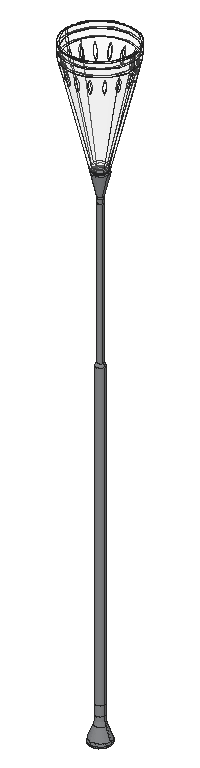
Revit family
Parameters (values of type "2700mm High")
  Wattage = 9.2903 W
  built-in parameter 1150110 = 1 (stored number, unit not read)
  built-in parameter 1114217 = 1 (stored number, unit not read)
  built-in parameter 1150109 = 1 (stored number, unit not read)
  built-in parameter 1150134 = 3
  built-in parameter 1150113 = 1 (stored number, unit not read)
  Manufacturer = "Revit"
  built-in parameter 1150105 = 109.82 (stored number, unit not read)
  Lumens = 1380 lm
  built-in parameter 1150115 = 1 (stored number, unit not read)
  Light Source Symbol Size = 609.6 mm
  built-in parameter 1150137 = (empty or 0)
  built-in parameter 1150139 = (empty or 0)
  built-in parameter 1150112 = 1 (stored number, unit not read)
  built-in parameter 1150114 = 1 (stored number, unit not read)
  Keynote = "V"
  Reduced Stem Height = Height - 2065.7 mm  # 634.3 mm
  Wattage Comments = "250"
  built-in parameter 1150132 = 2
  built-in parameter 1150102 = (empty or 0)
  built-in parameter 1150107 = 3200 (stored number, unit not read)
  built-in parameter 1150138 = (empty or 0)
  built-in parameter 1150106 = 1.0982 (stored number, unit not read)
  built-in parameter 1150104 = 13.8 (stored number, unit not read)
  Dimming Lamp Color Temperature Shift = (empty or 0)
  Description = "Floor Lamp"
  Color Filter = 16777215
  Body Material = Plastic - Gray
  Lamp = "Halogen"
  built-in parameter 1114218 = 1 (stored number, unit not read)
  built-in parameter 1150133 = 10 (stored number, unit not read)
  Assembly Code = "D5020230"
  Height = 2700 mm
Types (4, lengths in mm): name | Reduced Stem Height | Height
  (no name) | 634.3 | 2700
  3000mm High | 934.3 | 3000
  2700mm High | 634.3 | 2700
  3400mm High | 1334.3 | 3400
Reference planes
  plane 1 "Light Source Axis (F/B)": y = 0
  plane 2: z = 0
  plane 3 "Light Source Axis (L/R)": x = 0
  plane 4 "Light Source Elevation": z = 2500
  plane 5: z = 2700
  plane 6: z = 2201.013
  plane 7: z = 2618.604
  plane 8: z = 2563.11
  plane 9 "1": y = -148.034
Forms (mm)
  Revolve 1, solid, material "Plastic - Gray" <- "Body Material"
    sketch origin (0, 0, 0) x (1, 0, 0) y (0, 0, 1)
      loop
        line (0, 0) -> (0, 2175.514) -> (-16.641, 2175.514) -> (-26.493, 2196.64)
        arc (-26.493, 2196.64) -> (-28.495, 2198.724) -> (-31.215, 2199.699) r 6.321
        arc (-31.215, 2199.699) -> (-33.285, 2198.933) -> (-33.867, 2196.805) r 2.414
        line (-33.867, 2196.805) -> (-11.21, 2106.173)
        arc (-11.21, 2106.173) -> (-10.407, 2101.852) -> (-10.138, 2097.466) r 35.904
        line (-10.138, 2097.466) -> (-10.138, 2080.207) -> (-9.138, 2080.207) -> (-9.138, 2078.207) -> (-10.138, 2078.207) -> (-10.138, 1463.166)
        arc (-10.138, 1463.166) -> (-15.629, 1457.675) -> (-17.638, 1450.175) r 15
        line (-17.638, 1450.175) -> (-17.638, 150.791) -> (-16.638, 150.791) -> (-16.638, 148.791) -> (-17.638, 148.791) -> (-17.638, 107.743) -> (-16.638, 107.743) -> (-16.638, 105.743) -> (-17.715, 105.743)
        arc (-17.715, 105.743) -> (-18.769, 87.313) -> (-23.368, 69.435) r 95
        line (-23.368, 69.435) -> (-43.191, 14.971)
        arc (-43.191, 14.971) -> (-44.544, 9.92) -> (-45, 4.71) r 30
        line (-45, 4.71) -> (-45, 0) -> (0, 0)
      axis (0, 2199.699) -> (0, 0)
    angle from 0 to 360
  Revolve 2, solid, material "Glass - White opaque"
    sketch origin (0, 0, 0) x (1, 0, 0) y (0, 0, 1)
      loop
        arc (-36.867, 2210.332) -> (-34.881, 2206.39) -> (-31.391, 2203.687) r 10
        line (-31.391, 2203.687) -> (-23.661, 2202.324)
        arc (-23.661, 2202.324) -> (-18.941, 2198.864) -> (-15.905, 2193.86) r 15
        line (-15.905, 2193.86) -> (-11.189, 2180.962) -> (0, 2180.962) -> (0, 2212.751) -> (-29.583, 2222.454) -> (-134.212, 2642.142)
        arc (-134.212, 2642.142) -> (-137.075, 2657.589) -> (-138.034, 2673.27) r 128.682
        line (-138.034, 2673.27) -> (-138.034, 2700) -> (-145.221, 2700)
        arc (-145.221, 2700) -> (-147.21, 2699.176) -> (-148.034, 2697.187) r 2.813
        line (-148.034, 2697.187) -> (-148.034, 2673.27)
        arc (-148.034, 2673.27) -> (-147, 2656.37) -> (-143.915, 2639.723) r 138.682
        line (-143.915, 2639.723) -> (-36.867, 2210.332)
      axis (0, 2700) -> (0, 2180.962)
    angle from 0 to 360
  Extrusion 3, void
    sketch origin (0, -148.034, 0) x (1, 0, 0) y (0, 0, 1)
      loop
        arc (-0.109, 2618.604) -> (-4.822, 2590.857) -> (-0.109, 2563.11) r 84.031
        arc (-0.109, 2563.11) -> (1.434, 2561.567) -> (2.977, 2563.11) r 1.543
        arc (2.977, 2563.11) -> (7.69, 2590.857) -> (2.977, 2618.604) r 84.031
        arc (2.977, 2618.604) -> (1.434, 2620.147) -> (-0.109, 2618.604) r 1.543
    from -53.931 to 47.65
  Extrusion 4, void
    sketch origin (0, 148.034, 0) x (-1, 0, 0) y (0, 0, 1)
      loop
        arc (-0.109, 2618.604) -> (-4.822, 2590.857) -> (-0.109, 2563.11) r 84.031
        arc (-0.109, 2563.11) -> (1.434, 2561.567) -> (2.977, 2563.11) r 1.543
        arc (2.977, 2563.11) -> (7.69, 2590.857) -> (2.977, 2618.604) r 84.031
        arc (2.977, 2618.604) -> (1.434, 2620.147) -> (-0.109, 2618.604) r 1.543
    from -53.931 to 47.65
  Extrusion 5, void
    sketch origin (-148.034, 0, 0) x (0, -1, 0) y (0, 0, 1)
      loop
        arc (-0.109, 2618.604) -> (-4.822, 2590.857) -> (-0.109, 2563.11) r 84.031
        arc (-0.109, 2563.11) -> (1.434, 2561.567) -> (2.977, 2563.11) r 1.543
        arc (2.977, 2563.11) -> (7.69, 2590.857) -> (2.977, 2618.604) r 84.031
        arc (2.977, 2618.604) -> (1.434, 2620.147) -> (-0.109, 2618.604) r 1.543
    from -53.931 to 47.65
  Extrusion 6, void
    sketch origin (148.034, 0, 0) x (0, 1, 0) y (0, 0, 1)
      loop
        arc (-0.109, 2618.604) -> (-4.822, 2590.857) -> (-0.109, 2563.11) r 84.031
        arc (-0.109, 2563.11) -> (1.434, 2561.567) -> (2.977, 2563.11) r 1.543
        arc (2.977, 2563.11) -> (7.69, 2590.857) -> (2.977, 2618.604) r 84.031
        arc (2.977, 2618.604) -> (1.434, 2620.147) -> (-0.109, 2618.604) r 1.543
    from -53.931 to 47.65
  Extrusion 7, void
    sketch origin (-104.676, -104.676, 0) x (0.707107, -0.707107, 0) y (0, 0, 1)
      loop
        arc (-0.109, 2618.604) -> (-4.822, 2590.857) -> (-0.109, 2563.11) r 84.031
        arc (-0.109, 2563.11) -> (1.434, 2561.567) -> (2.977, 2563.11) r 1.543
        arc (2.977, 2563.11) -> (7.69, 2590.857) -> (2.977, 2618.604) r 84.031
        arc (2.977, 2618.604) -> (1.434, 2620.147) -> (-0.109, 2618.604) r 1.543
    from -53.931 to 47.65
  Extrusion 8, void
    sketch origin (104.676, 104.676, 0) x (-0.707107, 0.707107, 0) y (0, 0, 1)
      loop
        arc (-0.109, 2618.604) -> (-4.822, 2590.857) -> (-0.109, 2563.11) r 84.031
        arc (-0.109, 2563.11) -> (1.434, 2561.567) -> (2.977, 2563.11) r 1.543
        arc (2.977, 2563.11) -> (7.69, 2590.857) -> (2.977, 2618.604) r 84.031
        arc (2.977, 2618.604) -> (1.434, 2620.147) -> (-0.109, 2618.604) r 1.543
    from -53.931 to 47.65
  Extrusion 9, void
    sketch origin (-104.676, 104.676, 0) x (-0.707107, -0.707107, 0) y (0, 0, 1)
      loop
        arc (-0.109, 2618.604) -> (-4.822, 2590.857) -> (-0.109, 2563.11) r 84.031
        arc (-0.109, 2563.11) -> (1.434, 2561.567) -> (2.977, 2563.11) r 1.543
        arc (2.977, 2563.11) -> (7.69, 2590.857) -> (2.977, 2618.604) r 84.031
        arc (2.977, 2618.604) -> (1.434, 2620.147) -> (-0.109, 2618.604) r 1.543
    from -53.931 to 47.65
  Extrusion 10, void
    sketch origin (104.676, -104.676, 0) x (0.707107, 0.707107, 0) y (0, 0, 1)
      loop
        arc (-0.109, 2618.604) -> (-4.822, 2590.857) -> (-0.109, 2563.11) r 84.031
        arc (-0.109, 2563.11) -> (1.434, 2561.567) -> (2.977, 2563.11) r 1.543
        arc (2.977, 2563.11) -> (7.69, 2590.857) -> (2.977, 2618.604) r 84.031
        arc (2.977, 2618.604) -> (1.434, 2620.147) -> (-0.109, 2618.604) r 1.543
    from -53.931 to 47.65
  Extrusion 11, void
    sketch origin (56.65, -136.765, 0) x (0.92388, 0.382683, 0) y (0, 0, 1)
      loop
        arc (-0.109, 2618.604) -> (-4.822, 2590.857) -> (-0.109, 2563.11) r 84.031
        arc (-0.109, 2563.11) -> (1.434, 2561.567) -> (2.977, 2563.11) r 1.543
        arc (2.977, 2563.11) -> (7.69, 2590.857) -> (2.977, 2618.604) r 84.031
        arc (2.977, 2618.604) -> (1.434, 2620.147) -> (-0.109, 2618.604) r 1.543
    from -53.931 to 47.65
  Extrusion 12, void
    sketch origin (-56.65, 136.765, 0) x (-0.92388, -0.382683, 0) y (0, 0, 1)
      loop
        arc (-0.109, 2618.604) -> (-4.822, 2590.857) -> (-0.109, 2563.11) r 84.031
        arc (-0.109, 2563.11) -> (1.434, 2561.567) -> (2.977, 2563.11) r 1.543
        arc (2.977, 2563.11) -> (7.69, 2590.857) -> (2.977, 2618.604) r 84.031
        arc (2.977, 2618.604) -> (1.434, 2620.147) -> (-0.109, 2618.604) r 1.543
    from -53.931 to 47.65
  Extrusion 13, void
    sketch origin (-136.765, -56.65, 0) x (0.382683, -0.92388, 0) y (0, 0, 1)
      loop
        arc (-0.109, 2618.604) -> (-4.822, 2590.857) -> (-0.109, 2563.11) r 84.031
        arc (-0.109, 2563.11) -> (1.434, 2561.567) -> (2.977, 2563.11) r 1.543
        arc (2.977, 2563.11) -> (7.69, 2590.857) -> (2.977, 2618.604) r 84.031
        arc (2.977, 2618.604) -> (1.434, 2620.147) -> (-0.109, 2618.604) r 1.543
    from -53.931 to 47.65
  Extrusion 14, void
    sketch origin (136.765, 56.65, 0) x (-0.382683, 0.92388, 0) y (0, 0, 1)
      loop
        arc (-0.109, 2618.604) -> (-4.822, 2590.857) -> (-0.109, 2563.11) r 84.031
        arc (-0.109, 2563.11) -> (1.434, 2561.567) -> (2.977, 2563.11) r 1.543
        arc (2.977, 2563.11) -> (7.69, 2590.857) -> (2.977, 2618.604) r 84.031
        arc (2.977, 2618.604) -> (1.434, 2620.147) -> (-0.109, 2618.604) r 1.543
    from -53.931 to 47.65
  Extrusion 15, void
    sketch origin (-56.65, -136.765, 0) x (0.92388, -0.382683, 0) y (0, 0, 1)
      loop
        arc (-0.109, 2618.604) -> (-4.822, 2590.857) -> (-0.109, 2563.11) r 84.031
        arc (-0.109, 2563.11) -> (1.434, 2561.567) -> (2.977, 2563.11) r 1.543
        arc (2.977, 2563.11) -> (7.69, 2590.857) -> (2.977, 2618.604) r 84.031
        arc (2.977, 2618.604) -> (1.434, 2620.147) -> (-0.109, 2618.604) r 1.543
    from -53.931 to 47.65
  Extrusion 16, void
    sketch origin (56.65, 136.765, 0) x (-0.92388, 0.382683, 0) y (0, 0, 1)
      loop
        arc (-0.109, 2618.604) -> (-4.822, 2590.857) -> (-0.109, 2563.11) r 84.031
        arc (-0.109, 2563.11) -> (1.434, 2561.567) -> (2.977, 2563.11) r 1.543
        arc (2.977, 2563.11) -> (7.69, 2590.857) -> (2.977, 2618.604) r 84.031
        arc (2.977, 2618.604) -> (1.434, 2620.147) -> (-0.109, 2618.604) r 1.543
    from -53.931 to 47.65
  Extrusion 17, void
    sketch origin (-136.765, 56.65, 0) x (-0.382683, -0.92388, 0) y (0, 0, 1)
      loop
        arc (-0.109, 2618.604) -> (-4.822, 2590.857) -> (-0.109, 2563.11) r 84.031
        arc (-0.109, 2563.11) -> (1.434, 2561.567) -> (2.977, 2563.11) r 1.543
        arc (2.977, 2563.11) -> (7.69, 2590.857) -> (2.977, 2618.604) r 84.031
        arc (2.977, 2618.604) -> (1.434, 2620.147) -> (-0.109, 2618.604) r 1.543
    from -53.931 to 47.65
  Extrusion 18, void
    sketch origin (136.765, -56.65, 0) x (0.382683, 0.92388, 0) y (0, 0, 1)
      loop
        arc (-0.109, 2618.604) -> (-4.822, 2590.857) -> (-0.109, 2563.11) r 84.031
        arc (-0.109, 2563.11) -> (1.434, 2561.567) -> (2.977, 2563.11) r 1.543
        arc (2.977, 2563.11) -> (7.69, 2590.857) -> (2.977, 2618.604) r 84.031
        arc (2.977, 2618.604) -> (1.434, 2620.147) -> (-0.109, 2618.604) r 1.543
    from -53.931 to 47.65
Cuts and joins
  Extrusion 3, Extrusion 4, Extrusion 5, Extrusion 6, Extrusion 7, Extrusion 8, Extrusion 9, Extrusion 10, Extrusion 11, Extrusion 12, Extrusion 13, Extrusion 14, Extrusion 15, Extrusion 16, Extrusion 17, Extrusion 18 cuts Revolve 2
Dimensions and locks
  locked: level to plane 5 at 2700
  locked: plane 5 to plane 4 "Light Source Elevation" at 200
  locked: Revolve 1 sketch curve to Revolve 1 sketch curve at 17.638
  locked: Revolve 1 sketch curve to Revolve 1 sketch curve at 45
  locked: Revolve 1 sketch curve to Revolve 1 sketch curve at 10.138
  equal spacing: Revolve 1 sketch curve, Revolve 1 sketch curve, Revolve 1 sketch curve
  "Reduced Stem Height": Revolve 1 sketch curve to Revolve 1 sketch curve
  locked: Revolve 1 sketch curve to Revolve 1 sketch curve at 1463.166
  locked: Revolve 1 sketch curve to plane 6 at 103.547
  locked: plane 6 to plane 5 at 498.987
  locked: Revolve 2 sketch curve to Revolve 2 sketch curve at 148.034
  locked: Revolve 2 sketch curve to Revolve 2 sketch curve at 519.038
  plane 8 to plane 7 to plane 5 = 55.494 mm locked, 81.396 mm locked
  aligned and locked: Revolve 2 sketch curve to plane 5
  aligned and locked: plane 3 "Light Source Axis (L/R)" to imposter light
  aligned and locked: imposter light to plane 1 "Light Source Axis (F/B)"
  aligned and locked: plane 4 "Light Source Elevation" to imposter light
Automatic sketch dimensions
  Revolve 2 sketch curve to plane 3 "Light Source Axis (L/R)" = 0 mm  (x2)
  Revolve 2 sketch curve to plane 5 = 0 mm
  Revolve 2 sketch curve to Revolve 2 sketch curve = 2.813 mm
  Revolve 2 sketch curve to plane 7 = 21.119 mm
  Revolve 2 sketch curve to Revolve 2 sketch curve = 4.119 mm
  Revolve 2 sketch curve to Revolve 2 sketch curve = 7.187 mm
  Revolve 2 sketch curve to Revolve 2 sketch curve = 9.703 mm  (x2)
  Revolve 2 sketch curve to plane 3 "Light Source Axis (L/R)" = 36.867 mm
  Revolve 2 sketch curve to Revolve 2 sketch curve = 5.477 mm
  Revolve 2 sketch curve to Revolve 2 sketch curve = 1.391 mm
  Revolve 2 sketch curve to Revolve 2 sketch curve = 7.284 mm
  Revolve 2 sketch curve to Revolve 2 sketch curve = 2.419 mm  (x2)
  Revolve 2 sketch curve to Revolve 2 sketch curve = 7.73 mm
  Revolve 2 sketch curve to Revolve 2 sketch curve = 7.756 mm
  Revolve 2 sketch curve to Revolve 2 sketch curve = 11.189 mm
  Revolve 2 sketch curve to plane 3 "Light Source Axis (L/R)" = 9.352 mm
  Revolve 2 sketch curve to Revolve 2 sketch curve = 0 mm
  Revolve 2 sketch curve to Revolve 2 sketch curve = 220.962 mm
  Revolve 2 sketch curve to Revolve 2 sketch curve = 7.768 mm
  Revolve 2 sketch curve to Revolve 2 sketch curve = 12.898 mm
  Revolve 2 sketch curve to Revolve 2 sketch curve = 1.363 mm
  Revolve 2 sketch curve to Revolve 2 sketch curve = 6.644 mm
  Revolve 2 sketch curve to Revolve 2 sketch curve = 18.89 mm
  Extrusion 3 sketch curve to plane 7 = 0 mm
  Extrusion 3 sketch curve to plane 8 = 0 mm
  Extrusion 3 sketch curve to plane 3 "Light Source Axis (L/R)" = 76.341 mm
  Extrusion 3 sketch curve to plane 3 "Light Source Axis (L/R)" = 0.109 mm  (x2)
  plane 3 "Light Source Axis (L/R)" to Extrusion 3 sketch curve = 1.434 mm  (x2)
  plane 3 "Light Source Axis (L/R)" to Extrusion 3 sketch curve = 79.209 mm
  Extrusion 4 sketch curve to plane 8 = 0 mm
  Extrusion 4 sketch curve to plane 7 = 0 mm
  plane 3 "Light Source Axis (L/R)" to Extrusion 4 sketch curve = 76.341 mm
  plane 3 "Light Source Axis (L/R)" to Extrusion 4 sketch curve = 0.109 mm  (x2)
  Extrusion 4 sketch curve to plane 3 "Light Source Axis (L/R)" = 1.434 mm  (x2)
  Extrusion 4 sketch curve to plane 3 "Light Source Axis (L/R)" = 79.209 mm
  Extrusion 5 sketch curve to plane 8 = 0 mm
  Extrusion 5 sketch curve to plane 7 = 0 mm
  Extrusion 6 sketch curve to plane 8 = 0 mm
  Extrusion 6 sketch curve to plane 7 = 0 mm
  Extrusion 5 sketch curve to plane 1 "Light Source Axis (F/B)" = 76.341 mm
  Extrusion 5 sketch curve to plane 1 "Light Source Axis (F/B)" = 0.109 mm  (x2)
  plane 1 "Light Source Axis (F/B)" to Extrusion 5 sketch curve = 1.434 mm  (x2)
  plane 1 "Light Source Axis (F/B)" to Extrusion 5 sketch curve = 79.209 mm
  Extrusion 6 sketch curve to plane 9 "1" = 71.692 mm
  plane 1 "Light Source Axis (F/B)" to Extrusion 6 sketch curve = 0.109 mm  (x2)
  Extrusion 6 sketch curve to plane 1 "Light Source Axis (F/B)" = 1.434 mm  (x2)
  Extrusion 6 sketch curve to plane 1 "Light Source Axis (F/B)" = 79.209 mm
  Extrusion 7 sketch curve to plane 8 = 0 mm
  Extrusion 7 sketch curve to plane 7 = 0 mm
  Extrusion 8 sketch curve to plane 8 = 0 mm
  Extrusion 8 sketch curve to plane 7 = 0 mm
  Extrusion 9 sketch curve to plane 8 = 0 mm
  Extrusion 9 sketch curve to plane 7 = 0 mm
  Extrusion 10 sketch curve to plane 8 = 0 mm
  Extrusion 10 sketch curve to plane 7 = 0 mm
  plane 7 to Extrusion 7 sketch curve = 27.747 mm
  Extrusion 7 sketch curve to Extrusion 7 sketch curve = 76.233 mm  (x2)
  Extrusion 7 sketch curve to Extrusion 7 sketch curve = 0 mm
  Extrusion 7 sketch curve to Extrusion 7 sketch curve = 1.543 mm
  plane 7 to Extrusion 8 sketch curve = 27.747 mm
  Extrusion 8 sketch curve to Extrusion 8 sketch curve = 76.233 mm  (x2)
  Extrusion 8 sketch curve to Extrusion 8 sketch curve = 0 mm
  Extrusion 8 sketch curve to Extrusion 8 sketch curve = 1.543 mm
  plane 7 to Extrusion 9 sketch curve = 27.747 mm
  Extrusion 9 sketch curve to Extrusion 9 sketch curve = 76.233 mm  (x2)
  Extrusion 9 sketch curve to Extrusion 9 sketch curve = 0 mm
  Extrusion 9 sketch curve to Extrusion 9 sketch curve = 1.543 mm
  plane 7 to Extrusion 10 sketch curve = 27.747 mm
  Extrusion 10 sketch curve to Extrusion 10 sketch curve = 76.233 mm  (x2)
  Extrusion 10 sketch curve to Extrusion 10 sketch curve = 0 mm
  Extrusion 10 sketch curve to Extrusion 10 sketch curve = 1.543 mm
  Extrusion 11 sketch curve to plane 8 = 0 mm
  Extrusion 11 sketch curve to plane 7 = 0 mm
  Extrusion 12 sketch curve to plane 8 = 0 mm
  Extrusion 12 sketch curve to plane 7 = 0 mm
  Extrusion 13 sketch curve to plane 8 = 0 mm
  Extrusion 13 sketch curve to plane 7 = 0 mm
  Extrusion 14 sketch curve to plane 8 = 0 mm
  Extrusion 14 sketch curve to plane 7 = 0 mm
  Extrusion 15 sketch curve to plane 8 = 0 mm
  Extrusion 15 sketch curve to plane 7 = 0 mm
  plane 7 to Extrusion 15 sketch curve = 27.747 mm
  Extrusion 15 sketch curve to Extrusion 15 sketch curve = 76.233 mm  (x2)
  Extrusion 15 sketch curve to Extrusion 15 sketch curve = 0 mm
  Extrusion 15 sketch curve to Extrusion 15 sketch curve = 1.543 mm
  Extrusion 16 sketch curve to plane 8 = 0 mm
  Extrusion 16 sketch curve to plane 7 = 0 mm
  plane 7 to Extrusion 16 sketch curve = 27.747 mm
  Extrusion 16 sketch curve to Extrusion 16 sketch curve = 76.233 mm  (x2)
  Extrusion 16 sketch curve to Extrusion 16 sketch curve = 0 mm
  Extrusion 16 sketch curve to Extrusion 16 sketch curve = 1.543 mm
  Extrusion 17 sketch curve to plane 8 = 0 mm
  Extrusion 17 sketch curve to plane 7 = 0 mm
  plane 7 to Extrusion 17 sketch curve = 27.747 mm
  Extrusion 17 sketch curve to Extrusion 17 sketch curve = 76.233 mm  (x2)
  Extrusion 17 sketch curve to Extrusion 17 sketch curve = 0 mm
  Extrusion 17 sketch curve to Extrusion 17 sketch curve = 1.543 mm
  Extrusion 18 sketch curve to plane 8 = 0 mm
  Extrusion 18 sketch curve to plane 7 = 0 mm
  plane 7 to Extrusion 18 sketch curve = 27.747 mm
  Extrusion 18 sketch curve to Extrusion 18 sketch curve = 76.233 mm  (x2)
  Extrusion 18 sketch curve to Extrusion 18 sketch curve = 0 mm
  Extrusion 18 sketch curve to Extrusion 18 sketch curve = 1.543 mm
  plane 7 to Extrusion 11 sketch curve = 27.747 mm
  Extrusion 11 sketch curve to Extrusion 11 sketch curve = 76.233 mm  (x2)
  Extrusion 11 sketch curve to Extrusion 11 sketch curve = 0 mm
  Extrusion 11 sketch curve to Extrusion 11 sketch curve = 1.543 mm
  plane 7 to Extrusion 12 sketch curve = 27.747 mm
  Extrusion 12 sketch curve to Extrusion 12 sketch curve = 76.233 mm  (x2)
  Extrusion 12 sketch curve to Extrusion 12 sketch curve = 0 mm
  Extrusion 12 sketch curve to Extrusion 12 sketch curve = 1.543 mm
  plane 7 to Extrusion 13 sketch curve = 27.747 mm
  Extrusion 13 sketch curve to Extrusion 13 sketch curve = 76.233 mm  (x2)
  Extrusion 13 sketch curve to Extrusion 13 sketch curve = 0 mm
  Extrusion 13 sketch curve to Extrusion 13 sketch curve = 1.543 mm
  plane 7 to Extrusion 14 sketch curve = 27.747 mm
  Extrusion 14 sketch curve to Extrusion 14 sketch curve = 76.233 mm  (x2)
  Extrusion 14 sketch curve to Extrusion 14 sketch curve = 0 mm
  Extrusion 14 sketch curve to Extrusion 14 sketch curve = 1.543 mm
  Revolve 1 sketch curve to plane 3 "Light Source Axis (L/R)" = 0 mm  (x2)
  Revolve 1 sketch curve to Revolve 1 sketch curve = 35.904 mm
  Revolve 1 sketch curve to Revolve 1 sketch curve = 95 mm
  level to Revolve 1 sketch curve = 14.971 mm
  Revolve 1 sketch curve to Revolve 1 sketch curve = 1.809 mm
  plane 6 to Revolve 1 sketch curve = 4.207 mm
  Revolve 1 sketch curve to plane 3 "Light Source Axis (L/R)" = 33.867 mm
  Revolve 1 sketch curve to Revolve 1 sketch curve = 1.937 mm
  Revolve 1 sketch curve to Revolve 1 sketch curve = 2.362 mm
  Revolve 1 sketch curve to Revolve 1 sketch curve = 0.29 mm
  Revolve 1 sketch curve to Revolve 1 sketch curve = 5.013 mm
  Revolve 1 sketch curve to plane 3 "Light Source Axis (L/R)" = 23.368 mm
  Revolve 1 sketch curve to Revolve 1 sketch curve = 0.077 mm
  Revolve 1 sketch curve to Revolve 1 sketch curve = 0 mm
  Revolve 1 sketch curve to Revolve 1 sketch curve = 16.641 mm
  Revolve 1 sketch curve to Revolve 1 sketch curve = 1 mm  (x3)
  level to Revolve 1 sketch curve = 4.71 mm
  Revolve 1 sketch curve to plane 3 "Light Source Axis (L/R)" = 11.21 mm
  Revolve 1 sketch curve to Revolve 1 sketch curve = 1.072 mm
  Revolve 1 sketch curve to plane 3 "Light Source Axis (L/R)" = 2.638 mm
  Revolve 1 sketch curve to Revolve 1 sketch curve = 368.766 mm
  Revolve 1 sketch curve to Revolve 1 sketch curve = 54.464 mm
  Revolve 1 sketch curve to Revolve 1 sketch curve = 32.492 mm
  Revolve 1 sketch curve to Revolve 1 sketch curve = 2 mm  (x3)
  Revolve 1 sketch curve to Revolve 1 sketch curve = 41.048 mm
  Revolve 1 sketch curve to Revolve 1 sketch curve = 19.259 mm
  plane 6 to Revolve 1 sketch curve = 25.498 mm
  Revolve 1 sketch curve to Revolve 1 sketch curve = 3.387 mm
  Revolve 1 sketch curve to Revolve 1 sketch curve = 3.222 mm
  Revolve 1 sketch curve to plane 6 = 64.971 mm
